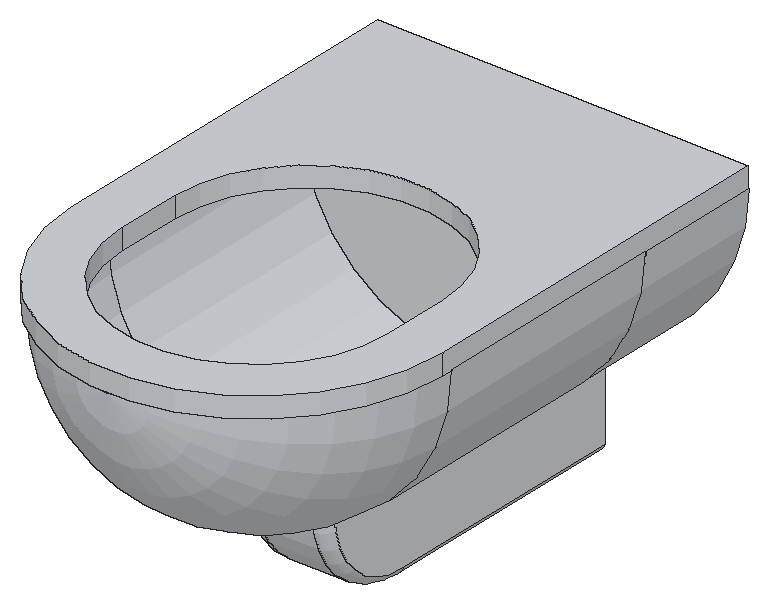
Revit family
Parameters (values of type "550 x 360mm")
  Material = none
  Manufacturer = "Revit"
  Assembly Code = "D2010110"
Reference planes
  plane 1 "Center (Front/Back)": y = 0
  plane 2: z = 0
  plane 3 "Center (Left/Right)": x = 0
  plane 4: y = -244.9
Forms (mm)
  Extrusion 1, solid, material <- "Material"
    sketch origin (0, 0, 307.334) x (1, 0, 0) y (0, 1, 0)
      loop
        line (-179.9, 0) -> (-179.9, -370.216)
        arc (-179.9, -370.216) -> (0.005, -550.122) -> (179.91, -370.216) r 179.905
        line (179.91, -370.216) -> (179.91, 0) -> (-179.9, 0)
      loop
        line (-130, -308.309) -> (-130, -372.093)
        arc (-130, -372.093) -> (0, -502.093) -> (130, -372.093) r 130
        line (130, -372.093) -> (130, -308.309)
        arc (130, -308.309) -> (0, -178.309) -> (-130, -308.309) r 130
    from -20 to 0
  Blend 2, solid, material <- "Material"
    base sketch origin (0, -124.9, 287.334) x (0, 0, -1) y (-1, 0, 0)
      loop
        line (0, 180) -> (0, -180)
        arc (0, -180) -> (180, 0) -> (0, 180) r 180
    top sketch origin (0, -124.9, 287.334) x (0, 0, -1) y (-1, 0, 0)
      loop
        line (0, 179.9) -> (0, -180)
        arc (0, -180) -> (179.95, -0.05) -> (0, 179.9) r 179.95
    from 0 to 124.9
  Extrusion 3, solid, material <- "Material"
    sketch origin (0, 0, 307.334) x (0, 1, 0) y (0, 0, 1)
      loop
        arc (0, -158.01) -> (-167.212, -190.758) -> (-337.566, -187.334) r 799.626
        line (-337.566, -187.334) -> (-337.566, -207.334)
        arc (-337.566, -207.334) -> (-310.425, -272.859) -> (-244.9, -300) r 92.666
        line (-244.9, -300) -> (0, -300) -> (0, -158.01)
    from -41.163 to 41.173
  Sweep 4, void
    path origin (41.173, 0, 149.324) x (0, 0, 1) y (0, -1, 0)
      loop
        line (-29.324, 337.566) -> (-49.324, 337.566)
        arc (-49.324, 337.566) -> (-114.849, 310.425) -> (-141.99, 244.9) r 92.666
        line (-141.99, 244.9) -> (-141.99, 0)
    profile origin (0, -122.45, 0) x (0, 0, 1) y (1, 0, 0)
      loop
        line (26.442, 42.532) -> (26.442, 53.837) -> (-3.558, 53.837) -> (-3.558, -51.163) -> (26.442, -51.163) -> (26.442, -43.084) -> (22.334, -43.084)
        arc (22.334, -43.084) -> (11.727, -38.69) -> (7.334, -28.084) r 15
        line (7.334, -28.084) -> (7.334, 27.532)
        arc (7.334, 27.532) -> (11.727, 38.139) -> (22.334, 42.532) r 15
        line (22.334, 42.532) -> (26.442, 42.532)
  Revolve 5, solid, material <- "Material"
    sketch origin (-135.875, 0, 287.334) x (0, -1, 0) y (1, 0, 0)
      loop
        line (124.9, -18.028) -> (124.9, -44.025) -> (359.287, -44.025)
        arc (359.287, -44.025) -> (490.375, 8.047) -> (550, 135.875) r 191.038
        line (550, 135.875) -> (523.953, 135.875)
        arc (523.953, 135.875) -> (472.275, 26.71) -> (360.086, -18.028) r 165.042
        line (360.086, -18.028) -> (124.9, -18.028)
      axis (550, 135.875) -> (124.9, 135.875)
    angle from 0 to 180
Cuts and joins
  Sweep 4 cuts Extrusion 1
  Sweep 4 cuts Blend 2
  Sweep 4 cuts Extrusion 3
Lines and regions (mm)
  symbolic lines
    curve 1: line (-179.9, 0, 0) -> (-179.9, -359.287, 0)
    curve 2: arc (-179.9, -359.287, 0) -> (-4.657, -549.944, 0) -> (179.91, -368.299, 0) r 180.067
    curve 3: line (179.91, -368.299, 0) -> (179.91, 0, 0)
    curve 4: line (179.91, 0, 0) -> (-179.9, 0, 0)
    curve 9: line (130.63, -372.093, 0) -> (-130.877, -308.309, 0)
    curve 10: line (-130.877, -308.309, 0) -> (130.63, -372.093, 0)
  symbolic lines, detail levels medium+fine
    curve 5: arc (-87.431, -129.902, 0) -> (-81.102, -136.231, 0) -> (-74.773, -129.902, 0) r 6.329
    curve 6: arc (-74.773, -129.902, 0) -> (-81.102, -123.573, 0) -> (-87.431, -129.902, 0) r 6.329
    curve 7: arc (75.37, -129.902, 0) -> (81.699, -136.231, 0) -> (88.028, -129.902, 0) r 6.329
    curve 8: arc (88.028, -129.902, 0) -> (81.699, -123.573, 0) -> (75.37, -129.902, 0) r 6.329
    curve 11: line (47.129, -320.624, 0) -> (-47.196, -320.624, 0)
    curve 12: line (-47.196, -320.624, 0) -> (47.129, -320.624, 0)
